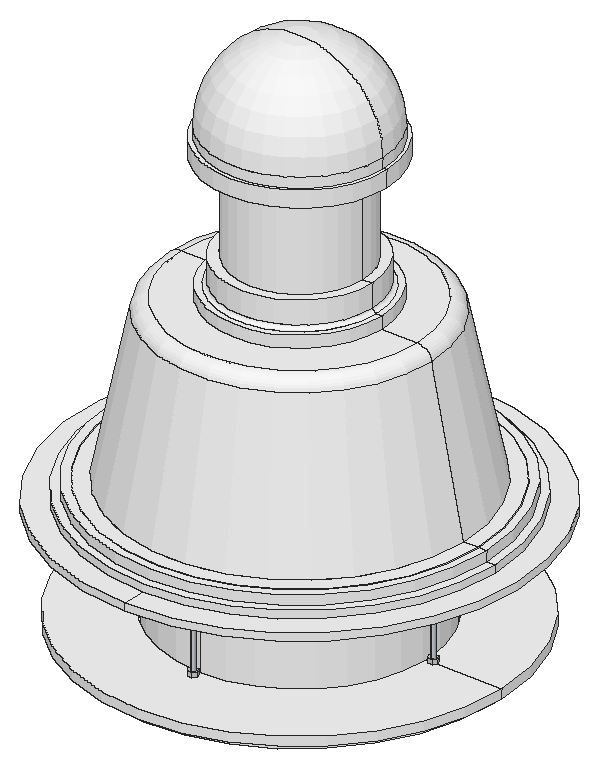
Revit family "R1200-JD-W31P6L-WD", category Plumbing Fixtures, host Face, Revit 2018
Family settings
  Host = Face
  Round Connector Dimension = Use Radius
  Part Type = Normal
  Cut with Voids When Loaded = No
  Shared = No
  Room Calculation Point = No
Parameters (values of type "R1202,3,4-JD-W31P6L-WD_4" Drain Pipe Size")
  WFU = 0
  URL = "WWW.MIFAB.COM"
  Pipe Radius = Pipe Diameter / 2  # 0' - 2"
  Pipe Diameter = 0' - 4"
  No Hub Standard Height = 0' - 6 1/2"
  Model = "R1202,3,4-JD-W31P6L-WD"
  Manufacturer = "MIFAB"
  Floor Drain Material = Paint - Sherwin Williams Paint - #952C2A - Bellwood Red
  Description = "LARGE GREEN ROOF DRAIN WITH PERFORATED PVC STANDPIPE AND STAINLESS STEEL MESH COVERED CAST IRON DOME"
  Default Elevation = 0' - 0"
  CWFU = 0
  Bottom Height = 0' - 3 1/2"
  Assembly Code = ""
Types (7): name | Pipe Radius | Pipe Diameter | No Hub Standard Height | Model
  (no name) | 0' - 2" | 0' - 4" | 0' - 6 1/2" | "R1202,3,4-JD-W31P6L-WD"
  R1205,6-JD-W31P6L-WD_6" Drain Pipe Size | 0' - 3" | 0' - 6" | 0' - 6 1/2" | "R1205,6-JD-W31P6L-WD"
  R1205,6-JD-W31P6L-WD_8" Drain Pipe Size | 0' - 4" | 0' - 8" | 0' - 6 1/2" | "R1205,6-JD-W31P6L-WD"
  R1205,6-JD-W31P6L-WD_5" Drain Pipe Size | 0' - 2 1/2" | 0' - 5" | 0' - 6 3/4" | "R1205,6-JD-W31P6L-WD"
  R1202,3,4-JD-W31P6L-WD_4" Drain Pipe Size | 0' - 2" | 0' - 4" | 0' - 6 1/2" | "R1202,3,4-JD-W31P6L-WD"
  R1202,3,4-JD-W31P6L-WD_3" Drain Pipe Size | 0' - 1 1/2" | 0' - 3" | 0' - 6 1/2" | "R1202,3,4-JD-W31P6L-WD"
  R1202,3,4-JD-W31P6L-WD_2" Drain Pipe Size | 0' - 1" | 0' - 2" | 0' - 6 1/2" | "R1202,3,4-JD-W31P6L-WD"
Reference planes (in)
  plane 1 "Center (Front/Back)": y = 0
  plane 2: z = 0
  plane 3 "Center (Left/Right)": x = 0
  plane 4: z = -7.25
  plane 5: z = -3
  plane 6: z = -5
  plane 7: y = -2
  plane 8: y = 2
  plane 9: x = -2.5
  plane 10: x = 2.5
  plane 11: z = 6.125
  plane 12: x = 7.5
  plane 13: x = -7.5
  plane 14: y = 7.5
  plane 15: y = -7.5
  plane 16: z = -5.14286
  plane 17: z = -0.25
  plane 18: z = -6.5
  plane 19: y = 3.75
  plane 20: y = -3.75
  plane 21: y = 4.8125
  plane 22: y = -4.8125
  plane 23: x = 6.23869
  plane 24: x = -6.5
  plane 25: z = -3.5
  plane 26: z = -4.26379
  plane 27: x = 6.5
  plane 28: z = 6.53249
  plane 29: z = 11.53249
  plane 30: z = 14.15749
  plane 31: x = -2.875
  plane 32: x = 2.875
Forms (in)
  Revolve 1, solid, material "Paint - Sherwin Williams Paint - #952C2A - Bellwood Red" <- "Floor Drain Material"
    sketch origin (0, 0.04396, -2.375) x (0, 1, 0) y (0, 0, 1)
      loop
        line (-4.16896, 2.375) -> (-7.54396, 2.375) -> (-7.54396, 2.125) -> (-4.85646, 2.125) -> (-4.85646, 1.375) -> (-4.29396, 1.375) -> (-4.29396, -2.0625) -> (-2.04396, -2.0625) -> (-2.04396, -4.125) -> (-1.79396, -4.125) -> (-1.79396, -1.8125) -> (-3.66896, -1.8125) -> (-3.66896, -0.625) -> (-4.16896, -0.625) -> (-4.16896, 2.375)
      axis (-0.04396, 2.375) -> (-0.04396, -4.125)
    angle from 0 to 360
  Revolve 2, solid, material "Paint - Sherwin Williams Paint - #952C2A - Bellwood Red" <- "Floor Drain Material"
    sketch origin (0, 0, 7.5) x (1, 0, 0) y (0, 0, 1)
      loop
        line (2.51054, -1.375) -> (2.51054, -1.70312) -> (4.05571, -1.70312)
        arc (4.05571, -1.70312) -> (4.16387, -1.74143) -> (4.22383, -1.83927) r 0.17188
        line (4.22383, -1.83927) -> (5.37391, -7.25) -> (6.13967, -7.25) -> (6.13967, -6.92209) -> (5.63967, -6.92209) -> (4.54478, -1.77104)
        arc (4.54478, -1.77104) -> (4.37037, -1.48643) -> (4.05571, -1.375) r 0.5
        line (4.05571, -1.375) -> (2.51054, -1.375)
      loop
        line (2.5, -0.07905) -> (2.16384, -0.07905) -> (2.16384, -1.51036) -> (2.5, -1.51036) -> (2.5, -1.36532) -> (2.84059, -1.36532) -> (2.84059, -0.96751) -> (2.63131, -0.96751)
        arc (2.63131, -0.96751) -> (2.53846, -0.92905) -> (2.5, -0.8362) r 0.13131
        line (2.5, -0.8362) -> (2.5, -0.07905)
      axis (0, -7.25) -> (0, -0.07905)
    angle from 0 to 360
  Revolve 3, solid, material "Paint - Sherwin Williams Paint - #952C2A - Bellwood Red" <- "Floor Drain Material"
    sketch origin (0, 0, 0) x (1, 0, 0) y (0, 0, 1)
      loop
        line (6.72286, 0) -> (6.72286, 0.25) -> (6.43654, 0.25) -> (6.43654, 0.57791) -> (6.13967, 0.57791) -> (6.13967, 0.25) -> (1.27391, 0.25) -> (1.27391, 0.40312) -> (0, 0.40312) -> (0, 0) -> (6.72286, 0)
      axis (0, 0) -> (0, 0.57791)
    angle from 0 to 360
  Revolve 4, solid, material "Paint - Sherwin Williams Paint - #952C2A - Bellwood Red" <- "Floor Drain Material"
    sketch origin (0, 0, 0) x (1, 0, 0) y (0, 0, 1)
      loop
        line (6.9375, -3.5) -> (4.35041, -3.5) -> (4.35041, -4.01379) -> (5.35041, -4.01379) -> (5.35041, -4.26379) -> (5.85041, -4.26379) -> (5.85041, -4.01379) -> (6.6875, -4.01379) -> (6.6875, -3.80633) -> (6.9375, -3.80633) -> (6.9375, -3.5)
      axis (0, -4.26379) -> (0, -3.5)
    angle from 0 to 360
  Revolve 5, solid, material "Paint - Sherwin Williams Paint - #952C2A - Bellwood Red" <- "Floor Drain Material"
    sketch origin (0, 0, 0) x (1, 0, 0) y (0, 0, 1)
      loop
        line (-2.15321, 6.53249) -> (-1.83488, 6.53249) -> (-1.83488, 11.53249) -> (-2.15321, 11.53249) -> (-2.15321, 10.9493) -> (-2.875, 10.9493) -> (-2.875, 10.99743) -> (-2.875, 11.08768) -> (-3.00834, 11.08768) -> (-3.00834, 10.54018) -> (-2.875, 10.54018) -> (-2.875, 10.67856) -> (-2.15321, 10.67856) -> (-2.15321, 6.53249)
      axis (0, 6.53249) -> (0, 11.53249)
    angle from 0 to 360
  Revolve 6, solid, material "Paint - Sherwin Williams Paint - #952C2A - Bellwood Red" <- "Floor Drain Material"
    sketch origin (0, 0, 0) x (1, 0, 0) y (0, 0, 1)
      loop
        line (-2.86812, 10.9493) -> (-2.61812, 10.9493) -> (-2.61812, 11.41159)
        arc (-2.61812, 11.41159) -> (-1.84362, 13.22064) -> (0, 13.9088) r 2.5
        line (0, 13.9088) -> (0, 14.15905)
        arc (0, 14.15905) -> (-2.02044, 13.39746) -> (-2.86812, 11.41159) r 2.75
        line (-2.86812, 11.41159) -> (-2.86812, 10.9493)
      axis (0, 10.9493) -> (0, 14.15905)
    angle from 0 to 360
Lines and regions (in)
  model lines, not visible
    curve 1: line (6.7156, 0, 9.07611) -> (12.5156, 0, 9.07611)
    curve 2: line (12.5156, 0, 9.07611) -> (12.5156, 0, 10.82611)
    curve 3: line (12.5156, 0, 10.82611) -> (6.7156, 0, 10.82611)
    curve 4: line (6.7156, 0, 10.82611) -> (6.7156, 0, 9.07611)
    curve 5: line (7.13163, 0, 10.86539) -> (7.13163, 0, 12.86539)
    curve 6: line (7.13163, 0, 12.86539) -> (15.53163, 0, 12.86539)
    curve 7: line (15.53163, 0, 12.86539) -> (15.53163, 0, 10.86539)
    curve 8: line (11.33163, 0, 12.86539) -> (11.33163, 0, 12.36539)
    curve 9: line (0, 28.52778, -10.8585) -> (0, 28.52778, -8.6085)
    curve 10: line (0, 28.52778, -8.6085) -> (0, 21.02778, -8.6085)
    curve 11: line (0, 21.02778, -8.6085) -> (0, 21.02778, -10.8585)
    curve 12: line (0, 24.77778, -8.6085) -> (0, 24.77778, -9.1085)
    curve 13: line (13.30546, 0, 10.44272) -> (13.30546, 0, 12.69272)
    curve 14: line (13.30546, 0, 12.69272) -> (26.80546, 0, 12.69272)
    curve 15: line (26.80546, 0, 12.69272) -> (26.80546, 0, 10.44272)
    curve 16: line (20.05546, 0, 12.69272) -> (20.05546, 0, 13.19272)
    curve 17: line (9.1978, 0, 16.37268) -> (9.1978, 0, 18.62268)
    curve 18: line (9.1978, 0, 18.62268) -> (22.1978, 0, 18.62268)
    curve 19: line (22.1978, 0, 18.62268) -> (22.1978, 0, 16.37268)
    curve 20: line (15.6978, 0, 18.62268) -> (15.6978, 0, 17.87268)
    curve 21: line (12.18201, 0, 20.41179) -> (12.18201, 0, 22.66179)
    curve 22: line (12.18201, 0, 22.66179) -> (17.93201, 0, 22.66179)
    curve 23: line (17.93201, 0, 22.66179) -> (17.93201, 0, 20.41179)
    curve 24: line (15.05701, 0, 22.66179) -> (15.05701, 0, 21.91179)
Dimensions and locks (in)
  locked: plane 5 to plane 4 at 4.25
  equal spacing: plane 8, plane 1 "Center (Front/Back)", plane 7
  "Pipe Diameter": plane 8 to plane 7
  "Pipe Radius": plane 1 "Center (Front/Back)" to plane 7
  plane 11 to level = 0' - 6 1/8"
  plane 13 to plane 3 "Center (Left/Right)" to plane 12 = 0' - 7 1/2" locked, 0' - 7 1/2" locked
  plane 13 to plane 12 = 1' - 3"  (x3)
  plane 15 to plane 1 "Center (Front/Back)" to plane 14 = 0' - 7 1/2" locked, 0' - 7 1/2" locked
  plane 15 to plane 14 = 1' - 3"
  locked: plane 2 to plane 17 at 0.25
  "No Hub Standard Height": plane 2 to plane 18
  equal spacing: plane 19, plane 1 "Center (Front/Back)", plane 20
  plane 19 to plane 20 = 0' - 7 1/2"
  locked: Revolve 1 sketch curve to plane 15 at 2.6875
  plane 21 to plane 22 = 0' - 9 5/8"
  locked: plane 6 to plane 18 at 1.5
  Revolve 1 sketch curve to plane 22 = 0' - 0 9/16"
  locked: plane 11 to plane 2 at 6.125
  locked: plane 25 to plane 26 at 0.76379
  "Bottom Height": plane 2 to plane 25
  equal spacing: plane 24, plane 3 "Center (Left/Right)", plane 27
  plane 24 to plane 27 = 1' - 1"
  locked: plane 28 to plane 11 at 0.40749
  locked: plane 29 to plane 28 at 5
  locked: plane 30 to plane 29 at 2.625
  plane 32 to plane 3 "Center (Left/Right)" to plane 31 = 0' - 2 7/8", 0' - 2 7/8"
  locked: plane 32 to plane 31 at 5.75
  aligned and locked: plane 2 to host face
  aligned and locked: level to host face
  aligned and locked: Revolve 1 sketch curve to plane 18
  aligned and locked: plane 17 to Revolve 1 sketch curve
  aligned and locked: plane 15 to Revolve 1 sketch curve
  aligned and locked: Revolve 2 sketch curve to plane 11
  aligned and locked: plane 25 to Revolve 4 sketch curve
  aligned and locked: plane 26 to Revolve 4 sketch curve
  aligned and locked: plane 1 "Center (Front/Back)" to nested 1
  aligned and locked: nested 1 to Revolve 1
  aligned and locked: nested 2 to Revolve 1
  aligned and locked: nested 3 to Revolve 1
  aligned and locked: nested 4 to Revolve 1
  aligned and locked: nested 2 to plane 1 "Center (Front/Back)"
  aligned and locked: plane 3 "Center (Left/Right)" to nested 4
  aligned and locked: plane 3 "Center (Left/Right)" to nested 3
Automatic sketch dimensions
  curve 5 to curve 7 = 0' - 8.4"
  curve 5 to curve 8 = 0' - 4.2"
  curve 5 to curve 5 = 0' - 2"
  curve 7 to curve 6 = 0' - 2"
  curve 8 to curve 8 = 0' - 0 1/2"
  host sketch curve to host sketch curve = 8' - 0"  (x2)
  Revolve 1 sketch curve to plane 5 = 0' - 0"
  Revolve 1 sketch curve to level = 0' - 0"
  plane 20 to Revolve 1 sketch curve = 0' - 0 1/8"
  Revolve 1 sketch curve to plane 7 = 0' - 0"
  Revolve 1 sketch curve to plane 1 "Center (Front/Back)" = 0' - 0"
  Revolve 1 sketch curve to plane 4 = 0' - 0"
  plane 6 to Revolve 1 sketch curve = 0' - 0 9/16"
  Revolve 1 sketch curve to plane 20 = 0' - 0 3/8"
  Revolve 1 sketch curve to plane 7 = 0' - 0 1/4"
  plane 6 to Revolve 1 sketch curve = 0' - 0 13/16"
  Revolve 1 sketch curve to plane 17 = 0' - 0 3/4"
  Revolve 1 sketch curve to plane 5 = 0' - 0 1/4"
  Revolve 4 sketch curve to plane 3 "Center (Left/Right)" = 0' - 0"
  Revolve 4 sketch curve to plane 10 = 0' - 1.85041"
  Revolve 4 sketch curve to plane 23 = 0' - 0.88828"
  Revolve 4 sketch curve to plane 23 = 0' - 0.38828"
  Revolve 4 sketch curve to Revolve 4 sketch curve = 0' - 0 1/4"  (x3)
  Revolve 4 sketch curve to Revolve 4 sketch curve = 0' - 0.20746"
  plane 11 to Revolve 4 sketch curve = 0' - 11.79464"
  Revolve 4 sketch curve to Revolve 4 sketch curve = 0' - 2 1/4"
  plane 23 to Revolve 4 sketch curve = 0' - 0.44881"
  Revolve 3 sketch curve to plane 3 "Center (Left/Right)" = 0' - 0"  (x2)
  Revolve 3 sketch curve to level = 0' - 0"
  Revolve 3 sketch curve to plane 23 = 0' - 0.09902"
  Revolve 3 sketch curve to plane 27 = 0' - 0.06346"
  plane 27 to Revolve 3 sketch curve = 0' - 0.22286"
  Revolve 3 sketch curve to Revolve 3 sketch curve = 0' - 0 1/4"
  level to Revolve 3 sketch curve = 0' - 0 1/4"
  Revolve 3 sketch curve to Revolve 3 sketch curve = 0' - 0.32791"
  Revolve 3 sketch curve to Revolve 3 sketch curve = 0' - 0.15312"
  plane 11 to Revolve 3 sketch curve = 0' - 2.65404"
  Revolve 3 sketch curve to Revolve 3 sketch curve = 0' - 1 3/4"
  plane 10 to Revolve 3 sketch curve = 0' - 1.22609"
  Revolve 2 sketch curve to Revolve 2 sketch curve = 0' - 0"  (x2)
  Revolve 2 sketch curve to plane 3 "Center (Left/Right)" = 0' - 0"
  Revolve 2 sketch curve to plane 10 = 0' - 0"
  plane 10 to Revolve 2 sketch curve = 0' - 0"
  Revolve 2 sketch curve to plane 11 = 0' - 0.13536"
  plane 10 to Revolve 2 sketch curve = 0' - 0.33616"
  Revolve 2 sketch curve to plane 10 = 0' - 0.01054"
  Revolve 2 sketch curve to plane 10 = 0' - 0.13131"
  plane 11 to Revolve 2 sketch curve = 0' - 0.00968"
  Revolve 2 sketch curve to Revolve 2 sketch curve = 0' - 0.33005"
  Revolve 2 sketch curve to plane 11 = 0' - 0 21/64"
  Revolve 2 sketch curve to Revolve 2 sketch curve = 0' - 1.21511"
  Revolve 2 sketch curve to plane 11 = 0' - 0.46427"
  Revolve 2 sketch curve to Revolve 2 sketch curve = 0' - 0.16812"
  Revolve 2 sketch curve to plane 11 = 0' - 0.39604"
  level to Revolve 2 sketch curve = 0' - 0 1/4"
  Revolve 2 sketch curve to plane 23 = 0' - 0.86477"
  Revolve 2 sketch curve to Revolve 2 sketch curve = 0' - 0.26576"
  Revolve 2 sketch curve to plane 23 = 0' - 0.09902"
  Revolve 2 sketch curve to Revolve 2 sketch curve = 0' - 0.32791"
  Revolve 2 sketch curve to Revolve 2 sketch curve = 0' - 0.39781"
  Revolve 2 sketch curve to Revolve 2 sketch curve = 0' - 0.75716"
  level to Revolve 2 sketch curve = 0' - 2 1/8"
  Revolve 2 sketch curve to Revolve 2 sketch curve = 0' - 0 1/2"
  Revolve 5 sketch curve to plane 31 = 0' - 0"  (x2)
  Revolve 5 sketch curve to plane 29 = 0' - 0"
  Revolve 5 sketch curve to plane 28 = 0' - 0"
  Revolve 5 sketch curve to plane 3 "Center (Left/Right)" = 0' - 0"
  Revolve 5 sketch curve to plane 31 = 0' - 0.13334"
  Revolve 5 sketch curve to plane 9 = 0' - 0.34679"
  Revolve 5 sketch curve to Revolve 5 sketch curve = 0' - 0"
  Revolve 5 sketch curve to Revolve 5 sketch curve = 0' - 0.31833"
  Revolve 5 sketch curve to plane 29 = 0' - 0.99231"
  Revolve 5 sketch curve to Revolve 5 sketch curve = 0' - 0.13838"
  Revolve 5 sketch curve to Revolve 5 sketch curve = 0' - 0.27074"
  Revolve 5 sketch curve to Revolve 5 sketch curve = 0' - 0.04813"
  Revolve 5 sketch curve to Revolve 5 sketch curve = 0' - 0.09025"
  plane 30 to Revolve 5 sketch curve = 1' - 7.76347"
  Revolve 5 sketch curve to Revolve 5 sketch curve = 0' - 1"
  Revolve 6 sketch curve to Revolve 6 sketch curve = 0' - 0"  (x2)
  Revolve 6 sketch curve to plane 3 "Center (Left/Right)" = 0' - 0"  (x2)
  Revolve 6 sketch curve to plane 3 "Center (Left/Right)" = 0' - 0.11812"
  plane 31 to Revolve 6 sketch curve = 0' - 0.00688"
  Revolve 6 sketch curve to plane 29 = 0' - 0.58318"
  Revolve 6 sketch curve to plane 29 = 0' - 0.1209"
  plane 9 to Revolve 6 sketch curve = 0' - 0.11812"
  Revolve 6 sketch curve to Revolve 6 sketch curve = 1' - 0.5119"
  Revolve 6 sketch curve to Revolve 6 sketch curve = 0' - 8 1/4"
Nested families (in)
  nested 1: "Bolt1" at (-4.55567, 0, -4.01379), type "Bolt1"
    with Height 0' - 3.01379"
  nested 2: "Bolt1" at (4.58798, 0, -4.01379) x (0, 1, 0) z (0, 0, 1), type "Bolt1"
    with Height 0' - 3.01379"
  nested 3: "Bolt1" at (0, 4.57488, -4.01379) x (0, 1, 0) z (0, 0, 1), type "Bolt1"
    with Height 0' - 3.01379"
  nested 4: "Bolt1" at (0, -4.57063, -4.01379) x (0, 1, 0) z (0, 0, 1), type "Bolt1"
    with Height 0' - 3.01379"
Connectors (in)
  piping at (0, 0, -6.5), diameter 4, driven by "Pipe Radius", driven by "WFU"
    settings: on Revolve 1, index 2, connector inside diameter 2", connector length 0' - 0", flow factor 0, pipe flow 0 GPM, pressure drop 0.00 psi, fitting loss kfactor 0, connector angle 0.00°, fixture units 0, engagement length 0' - 0", angle of deflection 0.00°, flow configuration 3, flow direction 2, fitting loss method 0, system type 16, joint type 0, gender type 0, connector reference index -1, connector utility 0, adjustable connector no, is connector primary yes, connector description "Sanitary Out"
Definition of nested family "Bolt1"
  Parameters (values of type "Bolt1")
    Material = none
    Height [instance] = 1' - 1.38583"
    Default Elevation = 4' - 0"
  Reference planes (in)
    plane 1 "Center (Front/Back)": y = 0
    plane 2: z = 0
    plane 3 "Center (Left/Right)": x = 0
    plane 4: z = 13.38583
    plane 5: z = 0.51562
    plane 6: z = 0.67452
  Forms (in)
    Extrusion 1, solid
      sketch origin (0, 0, 0) x (1, 0, 0) y (0, 1, 0)
        loop
          line (-48, 48) -> (-48, -48) -> (48, -48) -> (48, 48) -> (-48, 48)
      from 0 to -12
    Revolve 2, solid, material <- "Material"
      sketch origin (0, 0, 0) x (1, 0, 0) y (0, 0, 1)
        loop
          line (0, 13.38583) -> (0, -0.33562) -> (0.11073, -0.33562) -> (0.11073, -0.09843) -> (0.20961, -0.09843) -> (0.20961, 0) -> (0.07382, 0) -> (0.07382, 12.93209) -> (0.11234, 12.93209)
          arc (0.11234, 12.93209) -> (0.14919, 12.94735) -> (0.16446, 12.9842) r 0.05211
          line (0.16446, 12.9842) -> (0.16446, 13.38583) -> (0, 13.38583)
        axis (0, -0.33562) -> (0, 13.38583)
      angle from 0 to 360
    Extrusion 3, solid, material <- "Material"
      sketch origin (0, 0, 0) x (1, 0, 0) y (0, 1, 0)
        loop
          line (0, 0.16446) -> (-0.14242, 0.08223) -> (-0.14242, -0.08223) -> (0, -0.16446) -> (0.14242, -0.08223) -> (0.14242, 0.08223) -> (0, 0.16446)
      from 0.51562 to 0.67452
  Dimensions and locks (in)
    "Height": plane 4 to plane 2
    aligned and locked: plane 2 to Extrusion 1
    aligned and locked: level to Extrusion 1
    aligned and locked: Revolve 2 sketch curve to plane 3 "Center (Left/Right)"
    aligned and locked: Extrusion 1 to Revolve 2 sketch curve
    aligned and locked: Extrusion 3 to plane 5
    aligned and locked: plane 6 to Extrusion 3
  Automatic sketch dimensions
    Extrusion 1 sketch curve to Extrusion 1 sketch curve = 8' - 0"  (x2)
    Revolve 2 sketch curve to plane 3 "Center (Left/Right)" = 0' - 0"
    Revolve 2 sketch curve to plane 4 = 0' - 0"
    plane 3 "Center (Left/Right)" to Revolve 2 sketch curve = 0' - 0.07382"
    Revolve 2 sketch curve to Revolve 2 sketch curve = 0' - 0.11073"
    Revolve 2 sketch curve to Revolve 2 sketch curve = 0' - 0.03852"
    plane 3 "Center (Left/Right)" to Revolve 2 sketch curve = 0' - 0.16446"
    Revolve 2 sketch curve to Revolve 2 sketch curve = 0' - 0.13579"
    Revolve 2 sketch curve to level = 0' - 0.09843"
    Revolve 2 sketch curve to Revolve 2 sketch curve = 0' - 0.23719"
    Revolve 2 sketch curve to plane 4 = 0' - 0.45374"
    Revolve 2 sketch curve to Revolve 2 sketch curve = 0' - 5.38878"
    Revolve 2 sketch curve to Revolve 2 sketch curve = 0' - 5.51181"
